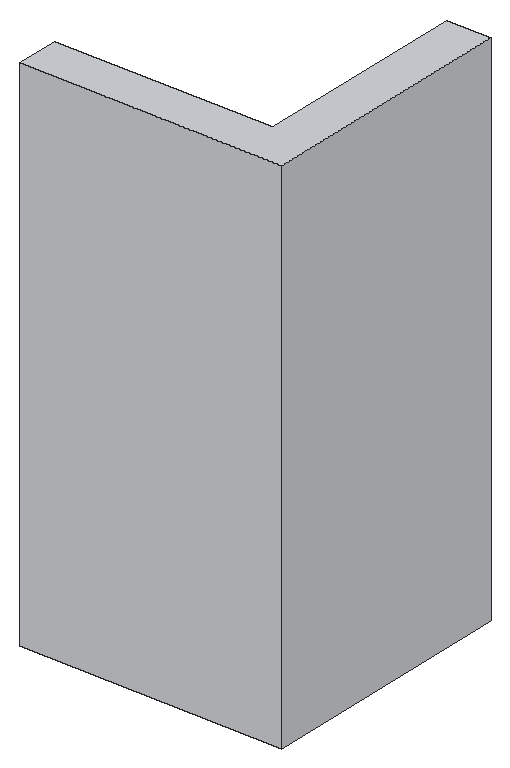
Revit family "Outside Formwork", category Generic Models, Revit 2021
Family settings
  Can host rebar = No
  Round Connector Dimension = Use Diameter
  Part Type = Normal
  Work Plane-Based = No
  Always vertical = Yes
  Cut with Voids When Loaded = No
  Shared = No
  Room Calculation Point = No
Parameters
  t [instance] = 100 mm
  Length [instance] = 500 mm
  H [instance] = 1200 mm
  Default Elevation = 0 mm
  Angle [instance] = 90.00°
Reference planes
  plane 1 "Center (Front/Back)": y = 0
  plane 2: z = 0
  plane 3 "Center (Left/Right)": x = 0
  plane 4: x = 0
Forms (mm)
  Sweep 1, solid
    path origin (0, 0, 0) x (1, 0, 0) y (0, 1, 0)
      loop
        line (-500, 0) -> (0, 0) -> (0, 500)
    profile origin (-250, 0, 0) x (0, 1, 0) y (0, 0, 1)
      loop
        line (0, 0) -> (0, 1200) -> (-100, 1200) -> (-100, 0) -> (0, 0)
Dimensions and locks
  "t": Sweep 1 to plane 1 "Center (Front/Back)"
  "H": Sweep 1 to level
  "Length": Sweep 1 sketch curve to Sweep 1 sketch curve  (x2)
  "Angle": angle plane 4 to plane 1 "Center (Front/Back)"
  aligned and locked: level to plane 2
Automatic sketch dimensions
  Sweep 1 sketch curve to level = 0 mm
  Sweep 1 sketch curve to profile plane = 0 mm
  profile plane to Sweep 1 sketch curve = 100 mm
  level to Sweep 1 sketch curve = 1200 mm
  plane 1 "Center (Front/Back)" to Sweep 1 sketch curve = 0 mm
  plane 4 to Sweep 1 sketch curve = 0 mm
